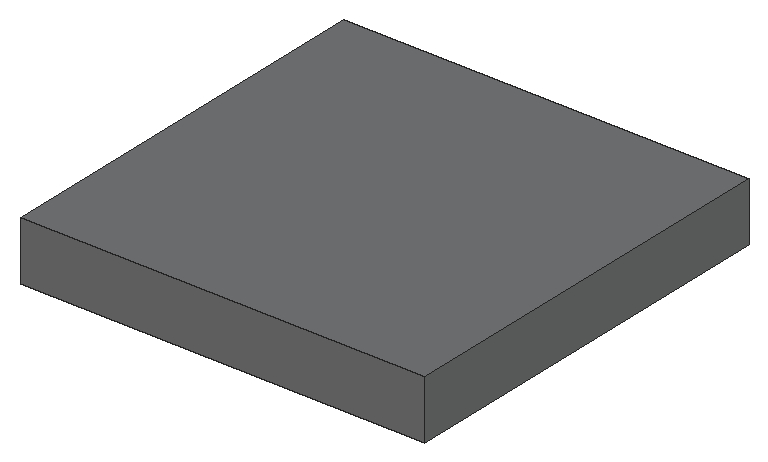
Revit family "Gira_028626", category Electrical Fixtures, host Face, Revit 2017
Family settings
  Host = Face
  Maintain Annotation Orientation = No
  Round Connector Dimension = Use Diameter
  Part Type = Normal
  Cut with Voids When Loaded = No
  Shared = No
  Room Calculation Point = No
Parameters (values of type "Wippe Symb. Klingel System 55 F Alu")
  Werkstoffgüte = "Thermoplast"
  Werkstoff = "Kunststoff"
  Verwendung = "Schalter/Taster"
  URL = "http://katalog.gira.de/de_DE/datenblatt.html?artikelnr=028626"
  Region = "DE"
  Oberfläche = "sonstige"
  Name = "Wippe Symb. Klingel System 55 F Alu"
  Mit austauschbarer Linse/Symbol = "No"
  Mit Beschriftungsfeld = "No"
  Manufacturer URL = "https://www.gira.de/"
  Kontrollfenster/Lichtauslass = "No"
  Keynote = "Sys55_Abdeckung_Schalten und Tasten"
  HeinzeBIM = "https://bimportal.heinze.de/bim/wippe-symb-klingel-system-55-f-alu/8bab4b307d07a837e9e851ca5265a9c0626fb0c2"
  Halogenfrei = "Yes"
  HAN = "028626"
  Geeignet für Schutzart (IP) = "IP20"
  Geeignet für Bussystem-Tasterankopplung = "No"
  GTIN = "4010337286264"
  Farbe = "aluminium"
  Default Elevation = 1219.2 mm
  Data sheet (1) = "https://katalog.gira.de/de_DE/download.html?artikelnr=028626"
  Category = "Abdeckung/Bedienelement für Installationsschalterprogramme"
  Befestigungsart = "Klemmbefestigung"
  Available = "Yes"
  Ausführung = "einteilige Wippe"
  Aufdruck/Kennzeichnung = "Symbol \"Klingel\""
  Anthrazit [instance] = Anthrazit
  Abtastbares Symbol/barrierefrei = "No"
Reference planes
  plane 1 "Center (Front/Back)": y = 0
  plane 2: z = 0
  plane 3 "Center (Left/Right)": x = 0
Forms (mm)
  Extrusion 1, solid, material "Anthrazit" <- "Anthrazit", detail levels fine
    sketch origin (0, 0, 0) x (1, 0, 0) y (0, 1, 0)
      loop
        line (-27.5, 27.5) -> (-27.5, -27.5) -> (27.5, -27.5) -> (27.5, 27.5) -> (-27.5, 27.5)
    from 0 to 8
  Extrusion 2, void
    sketch origin (0, 0, 0) x (1, 0, 0) y (0, 1, 0)
      loop
        line (26, 26) -> (-26, 26) -> (-26, -26) -> (26, -26) -> (26, 26)
    from 0 to 6
  Extrusion 3, solid, material "Anthrazit" <- "Anthrazit", detail levels medium
    sketch origin (0, 0, 0) x (1, 0, 0) y (0, 1, 0)
      loop
        line (-27.5, 27.5) -> (-27.5, -27.5) -> (27.5, -27.5) -> (27.5, 27.5) -> (-27.5, 27.5)
    from 0 to 8
  Extrusion 4, solid, material "Anthrazit" <- "Anthrazit", detail levels medium
    sketch origin (0, 0, 0) x (1, 0, 0) y (0, 1, 0)
      loop
        line (11, -17.5) -> (11, 17.5) -> (-11, 17.5) -> (-11, -17.5) -> (11, -17.5)
    from -6 to 6
  Extrusion 5, solid, material "Anthrazit" <- "Anthrazit", detail levels fine
    sketch origin (0, 0, 0) x (1, 0, 0) y (0, 1, 0)
      loop
        line (11, 17.5) -> (-11, 17.5) -> (-11, 16.5) -> (11, 16.5) -> (11, 17.5)
      loop
        line (-11, -16.5) -> (-11, -17.5) -> (11, -17.5) -> (11, -16.5) -> (-11, -16.5)
    from -4 to 6
  Extrusion 6, solid, material "Anthrazit" <- "Anthrazit", detail levels fine
    sketch origin (0, 0, 0) x (1, 0, 0) y (0, 1, 0)
      loop
        arc (5, 9.347) -> (0, 10.6) -> (-5, 9.347) r 10.6
        line (-5, 9.347) -> (-5, -9.347)
        arc (-5, -9.347) -> (0, -10.6) -> (5, -9.347) r 10.6
        line (5, -9.347) -> (5, 9.347)
    from -6 to 6
  Extrusion 7, solid, material "Anthrazit" <- "Anthrazit", detail levels coarse
    sketch origin (0, 0, 0) x (1, 0, 0) y (0, 1, 0)
      loop
        line (-27.5, 27.5) -> (-27.5, -27.5) -> (27.5, -27.5) -> (27.5, 27.5) -> (-27.5, 27.5)
    from -6 to 8
Cuts and joins
  Extrusion 2 cuts Extrusion 1
Dimensions and locks
  aligned and locked: plane 2 to host face
  aligned and locked: level to host face
